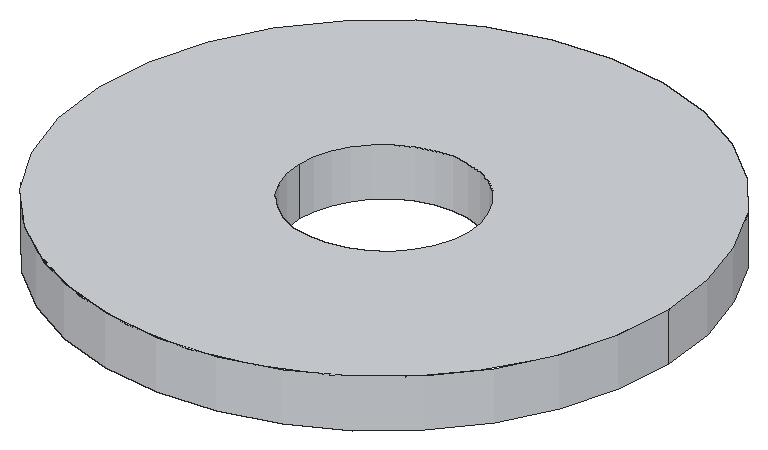
Revit family "Unterlegscheibe, zn, 10,5x35x3", category HLS-Bauteile, Revit 2023
Family settings
  Bemaßung runder Anschluss = Durchmesser verwenden
  Teiletyp = Normal
  Arbeitsebenenbasiert = Ja
  Immer vertikal = Nein
  Beim Laden mit Abzugskörper schneiden = Nein
  Beschriftungsausrichtung beibehalten = Nein
  Gemeinsam genutzt = Ja
  Raumberechnungspunkt = Nein
Parameters (values of type "Unterlegscheibe, verstärkt 10,5x35x3,0, zn.")
  vpe = "100"
  Default Elevation = 1219.2 mm
  Stärke = 3 mm
  Schlüsselweite = ""
  Regelhalter [instance] = ""
  Oberflaeche = "feuerverzinkt"
  Mengeneinheit = "St"
  Materialname = ""
  Material = "Stahl"
  Länge = 3 mm
  Kurztext2 = "10,5 x 35 x 3 mm ZnNi"
  Kurztext1 = "Unterlegscheibe"
  Innendurchmesser = 10.5 mm
  Gewinde = ""
  Gewicht pro Bauteil = Gewicht  # 0.021 kg
  Gewicht = 0.021 kg
  Form Kopf = ""
  Festigkeitsklasse = ""
  Fabrikat = "MEFA"
  EAN = "4250928457172"
  Dübeltyp = ""
  Durchmesser Kopf = ""
  D0 = 10.5 mm
  D = 35 mm
  Außendurchmesser = 35 mm
  Ausführung = "verstärkt"
  Artikelnummer = "4351053/zn"
  Antriebsgröße = ""
  Antrieb = ""
  Abmessung = "13 x 37 x 3 mm"
Reference planes
  plane 1 "Mitte (Vorne/hinten)": y = 0
  plane 2: z = 0
  plane 3 "Mitte (Links/rechts)": x = 0
  plane 4: z = 3
Forms (mm)
  Extrusion 1, solid
    sketch origin (0, 0, 0) x (1, 0, 0) y (0, 1, 0)
      loop
        circle (0, 0) r 17.5
    from 0 to 3
  Extrusion 2, void
    sketch origin (0, 0, 0) x (1, 0, 0) y (0, 1, 0)
      loop
        circle (0, 0) r 5.25
    from 0 to 3
Cuts and joins
  Extrusion 2 cuts Extrusion 1
Lines and regions (mm)
  model lines, not visible
    curve 1: line (0, 10.717, 0) -> (0, -9.283, 0)
    curve 2: line (6.799, 0, 0) -> (-13.201, 0, 0)
  model lines, style "GenericModel", not visible
    curve 3: line (0, 25, 0) -> (0, -25, 0)
    curve 4: line (25, 0, 0) -> (-25, 0, 0)
    curve 5: line (0, 0, -5.854) -> (0, 0, 9.146)
Dimensions and locks
  "Länge": level to plane 4
  "D": diameter of Extrusion 1 sketch curve
  "D0": diameter of Extrusion 2 sketch curve
  aligned and locked: level to plane 2
  aligned and locked: Extrusion 1 to level
  aligned and locked: plane 4 to Extrusion 1
  aligned and locked: curve 1 to level
  aligned and locked: curve 2 to level
  aligned and locked: Extrusion 1 to Extrusion 2
  aligned and locked: Extrusion 2 to level
Automatic sketch dimensions
  plane 1 "Mitte (Vorne/hinten)" to curve 1 = 9.283 mm
  curve 1 to plane 1 "Mitte (Vorne/hinten)" = 10.717 mm
  curve 3 to plane 3 "Mitte (Links/rechts)" = 0 mm
  plane 1 "Mitte (Vorne/hinten)" to curve 3 = 25 mm
  curve 3 to plane 1 "Mitte (Vorne/hinten)" = 25 mm
  plane 1 "Mitte (Vorne/hinten)" to curve 4 = 0 mm
  curve 4 to plane 3 "Mitte (Links/rechts)" = 25 mm
  plane 3 "Mitte (Links/rechts)" to curve 4 = 25 mm
  curve 5 to plane 3 "Mitte (Links/rechts)" = 0 mm
  plane 3 "Mitte (Links/rechts)" to curve 2 = 6.799 mm
  curve 5 to level = 5.854 mm
  plane 4 to curve 5 = 6.146 mm
  curve 2 to plane 3 "Mitte (Links/rechts)" = 13.201 mm
  plane 1 "Mitte (Vorne/hinten)" to Extrusion 1 sketch curve = 0 mm
  Extrusion 1 sketch curve to plane 3 "Mitte (Links/rechts)" = 0 mm
  plane 1 "Mitte (Vorne/hinten)" to Extrusion 2 sketch curve = 0 mm
  Extrusion 2 sketch curve to plane 3 "Mitte (Links/rechts)" = 0 mm
